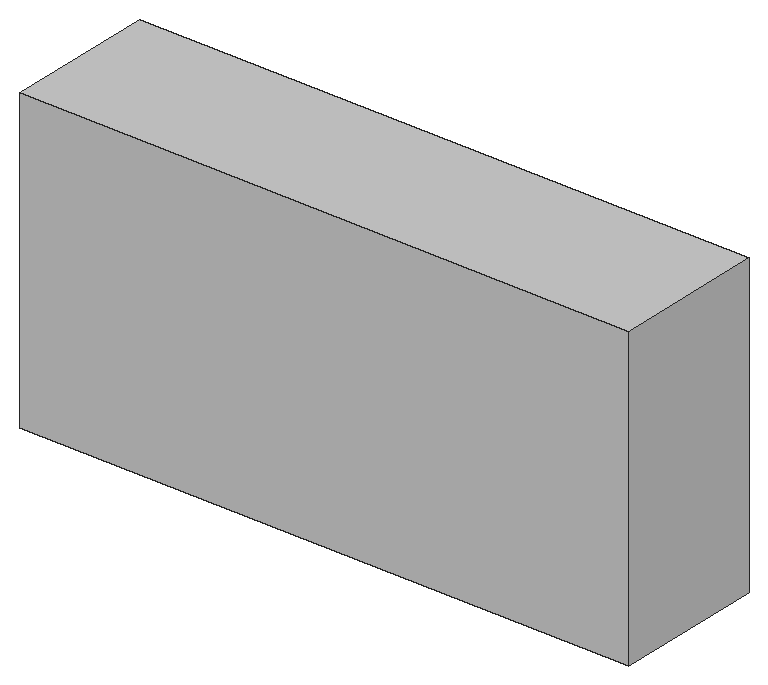
Revit family "M_Concrete-Rectangular Beam", category Structural Framing, Revit 2014
Parameters (values of type "300 x 600mm")
  Structural Material [instance] = Concrete, Cast-in-Place gray
  Assembly Code = ""
  Length [instance] = 1524 mm
  b = 300 mm
  h = 600 mm
Types (3, lengths in mm): name | b | h
  (no name) | 300 | 600
  400 x 800mm | 400 | 800
  300 x 600mm | 300 | 600
Reference planes
  plane 1 "Center (Front/Back)": y = 0
  plane 2: z = 0
  plane 3 "Center (Left/Right)": x = 4.61
  plane 4 "Member Left": x = -604.99
  plane 5 "Member Right": x = 614.21
  plane 6: y = 150
  plane 7: y = -150
  plane 8: z = 300
  plane 9 "Bottom": z = -300
  plane 10 "Left": x = -757.39
  plane 11 "Right": x = 766.61
Forms (mm)
  Sweep 1, solid, material "Concrete, Cast-in-Place gray" <- "Structural Material"
    path origin (0, 0, 0) x (1, 0, 0) y (0, 1, 0)
      loop
        line (614.21, 0) -> (-604.99, 0)
    profile "M_Rectangular Beam-Profile : M_Rectangular Beam-Profile" origin (4.61, 0, 0) x (0, -1, 0) y (0, 0, 1)
      loop
        line (-150, -300) -> (150, -300) -> (150, 300) -> (-150, 300) -> (-150, -300)
Dimensions and locks
  "b": plane 6 to plane 7
  equal spacing: plane 9 "Bottom", plane 2, plane 8
  equal spacing: plane 6, plane 1 "Center (Front/Back)", plane 7
  "h": plane 9 "Bottom" to plane 8
  "Length": plane 10 "Left" to plane 11 "Right"
  aligned and locked: Sweep 1 sketch curve to plane 1 "Center (Front/Back)"
  aligned and locked: plane 4 "Member Left" to Sweep 1 sketch curve
  aligned and locked: plane 5 "Member Right" to Sweep 1 sketch curve
